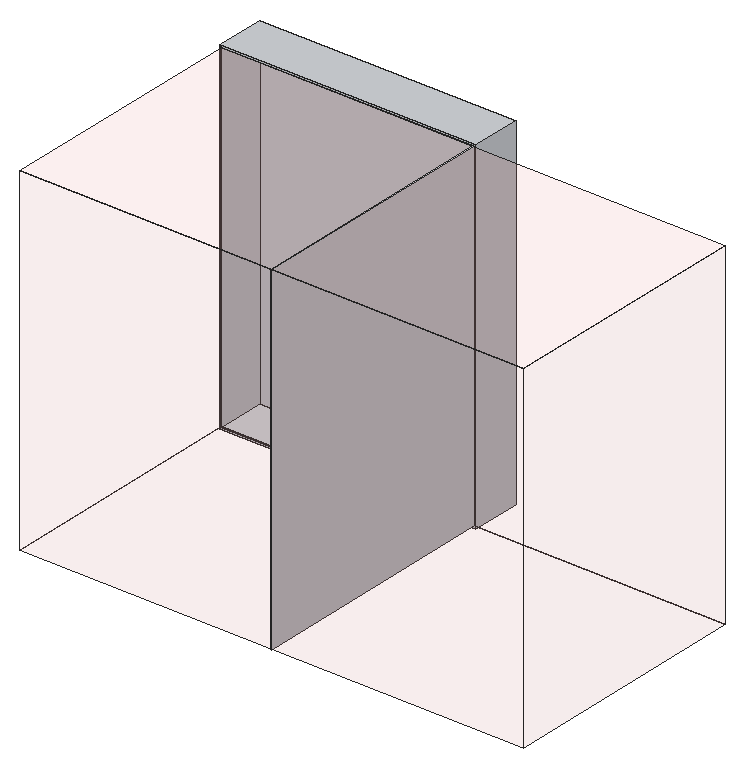
Revit family "Hager-Type B SP&N Distribution Boards-Surface_mounted-IP2XC-With_Cover-Without_DIN-NoHosted-GB-en", category Electrical Equipment, Revit 2023
Family settings
  Panel Configuration = Two Columns, Circuits Across
  Round Connector Dimension = Use Diameter
  Part Type = Panelboard
  Work Plane-Based = Yes
  Always vertical = Yes
  Cut with Voids When Loaded = No
  Maintain Annotation Orientation = No
  Shared = No
  Room Calculation Point = No
Parameters (values of type "Type B SP&N Distribution Boards-Surface_mounted_W465_H625_D91_0_Modular_Spacing-JK108BSH")
  Width Control [instance] = if([HG000006-Flush mounted], if([EF000846 - Recess width] > min_whd, [EF000846 - Recess width], min_whd), if([EF000008 - Width] > min_whd, ([EF000008 - Width]), min_whd))  # 465 mm
  Void Depth [instance] = if([EF000218 - Recess depth] > 1 mm, [EF000218 - Recess depth], 1 mm)  # 1 mm
  Uniformat code = "D501001"
  Uniformat = "Low Tension Service & Dist."
  Référence = ""
  HG000131 - Functional label [instance] = ""
  HG000130 - Functional name [instance] = ""
  HG000099-Onfly Template ID = "507532"
  HG000059-Operating voltage [instance] = 230 V
  ETIM class name = "Small distribution board"
  ETIM class code = "EC000214"
  EF015941 - Signal passing door = no
  EF015777 - Neutral terminal block = yes
  EF015776 - Earthing terminal block = yes
  EF009212 - Cover model = ""
  EF006306 - With lock = no
  EF006244 - Transparent cover/door = no
  EF005474 - Degree of protection (IP rating) = "IP2XC"
  EF004462 - Type of closure = ""
  EF002950 - Width in number of modular spacings = 0
  EF001596 - Housing material = ""
  EF001134 - With DIN-rail = no
  EF001131 - Internal depth = 0 mm
  EF001088 - Extension possible = no
  EF001062 - EMC-version = no
  EF000846 - Recess width = 0 mm
  EF000339 - Type of covering = ""
  EF000332 - Recess height = 0 mm
  EF000266 - Number of rows = 0
  EF000218 - Recess depth = 0 mm
  EF000118 - With mounting plate = no
  EF000116 - RAL number = 7035
  EF000049 - Depth = 91 mm
  EF000040 - Height = 625 mm
  EF000008 - Width = 465 mm
  EF000007 - Colour = ""
  EF000003 - Mounting method = "Surface mounted"
  EF004464 - Type of door = ""
  EF000024 - UV resistant = no
  Type Comments = ""
  System Height [instance] = Height Control - 2 * [HG000005-Thickness]  # 446 mm
  Reference description = ""
  Reference = "Type B SP&N Distribution Boards-Surface_mounted_W465_H625_D91_0_Modular_Spacing-JK108BSH"
  Panel Name [instance] = ""  # (empty or 0)
  Offset [instance] = 0 mm
  Object type = ""
  Name hager = "ADD_Enclosures_EC000214"
  Name BIM&CO = "Electricity"
  Name = "Type B SP&N Distribution Boards-Surface_mounted-IP2XC-With_Cover-Without_DIN-GB"
  Model = ""
  Level Offset [instance] = [Flush Mounted - Door Frame Width] + Offset  # 50 mm
  HGEF002950-Width in number of modular spacings = 0
  HGEF000266-Number of rows = 0
  HG000060-RAL-number = "7035"
  HG000017-Distance between poles = 18 mm
  HG000016-Door 3D visibility = yes
  HG000015-Clearance visibility = yes
  HG000014-Door on the right = yes
  HG000013-Door on the left = not([HG000014-Door on the right])  # no
  HG000012-Door swing angle = 90.00°
  HG000011-Empty rows from bottom = no
  HG000010-Asymmetric doors = no
  HG000009-Double swing door = no
  HG000008-Number of empty rows = 0
  HG000007-Number of empty columns = 0
  HG000006-Flush mounted = no
  HG000005-Thickness = 2 mm
  HG000004-Manufacturer reference = "JK108BSH"
  HG000003-Range = "Type B SP&N Distribution Boards"
  HG000002-With door or cover = yes
  HG000001-Number of columns = 0
  GTIN (Global Trade Item Number) = ""
  Description = ""
  Default Elevation = 1200 mm
  Creation Date = "12/17/2025 20:13:08"
  Code hager = "ADD-EC000214_EU"
  Code Uniformat = ""
  BIM&CO code = ""
  BC_VARIANT_ID = "1178538"
  BC_OBJECT_VERSION = "#1"  # constant formula
  BC_OBJECT_ID = "513817"  # constant formula
  BC_MODEL_ID = "1554190"  # constant formula
  BC_METADATA = "{\"ObjectGuid\":\"bc35c96e-cb38-443e-833d-0616858cb9ac\",\"ModelGuid\":\"8af03f69-2293-4735-a617-cc53adf55621\",\"VariantGuid\":\"8b6e323b-1b53-409a-a940-11b5a7fc5337\",\"Revision\":\"#4\",\"VariantName\":\"Template-Enclosure_EU-EC000214\"}"
  Arrow Offset [instance] = Depth Control / 8  # 18.75 mm
  Arrow Height [instance] = Depth Control - Arrow Offset  # 131.25 mm
  Host Offset [instance] = if([HG000006-Flush mounted], 0 mm, [EF000049 - Depth])  # 91 mm
  min_whd [instance] = (2 * [HG000005-Thickness]) + 1 mm  # 5 mm
  Manufacturer = "Hager"  # constant formula
  Height Control [instance] = if([HG000006-Flush mounted], if([EF000332 - Recess height] > min_whd, [EF000332 - Recess height], min_whd), if([EF000040 - Height] > min_whd, ([EF000040 - Height]), min_whd))  # 625 mm
  Flush Mounted - Door Frame Width [instance] = if(([EF000040 - Height] - [EF000332 - Recess height]) > 0 mm, if([HG000006-Flush mounted], [EF000040 - Height] - [EF000332 - Recess height], 0 mm), 0 mm)  # 0 mm
  Depth Control [instance] = if([HG000006-Flush mounted], if([EF000218 - Recess depth] > 0 mm, [EF000218 - Recess depth], 1 mm), if([EF000049 - Depth] > 0 mm, ([EF000049 - Depth]), 1 mm))  # 91 mm
Types (4, lengths in mm): name | Width Control | EF015777 - Neutral terminal block | EF015776 - Earthing terminal block | EF001088 - Extension possible | EF000049 - Depth | EF000040 - Height | EF000008 - Width | EF000007 - Colour | Reference | HG000004-Manufacturer reference | BC_VARIANT_ID | Host Offset | Height Control | Depth Control
  Type B SP&N Distribution Boards-Surface_mounted_W465_H550_D91_0_Modular_Spacing-JK106BSH | 465 | no | yes | no | 91 | 550 | 465 | "" | "Type B SP&N Distribution Boards-Surface_mounted_W465_H550_D91_0_Modular_Spacing-JK106BSH" | "JK106BSH" | "1178537" | 91 | 550 | 91
  Type B SP&N Distribution Boards-Surface_mounted_W465_H625_D91_0_Modular_Spacing-JK108BSH | 465 | yes | yes | no | 91 | 625 | 465 | "" | "Type B SP&N Distribution Boards-Surface_mounted_W465_H625_D91_0_Modular_Spacing-JK108BSH" | "JK108BSH" | "1178538" | 91 | 625 | 91
  Type B SP&N Distribution Boards-Surface_mounted_W465_H850_D91_0_Modular_Spacing-JK112BSH | 465 | yes | yes | no | 91 | 850 | 465 | "" | "Type B SP&N Distribution Boards-Surface_mounted_W465_H850_D91_0_Modular_Spacing-JK112BSH" | "JK112BSH" | "1178539" | 91 | 850 | 91
  Type B SP&N Distribution Boards-Surface_mounted_W232_H300_D124_0_Modular_Spacing-JK201BSH | 232 | no | no | yes | 124 | 300 | 232 | "Grey" | "Type B SP&N Distribution Boards-Surface_mounted_W232_H300_D124_0_Modular_Spacing-JK201BSH" | "JK201BSH" | "1178540" | 124 | 300 | 124
Reference planes
  plane 1 "Center (Front/Back)": y = 0
  plane 2: z = 0
  plane 3 "Center (Left/Right)": x = 0
  plane 4: y = 2
  plane 5: y = 0
  plane 6: y = 0
  plane 7: z = 0
  plane 8: x = -232.5
  plane 9: x = 232.5
  plane 10: x = 230.5
  plane 11: x = -230.5
  plane 12: z = 50
  plane 13: z = 52
  plane 14: y = -86
  plane 15: y = -91
  plane 16: y = -2
  plane 17: z = 673
  plane 18: z = 675
  plane 19: z = 362.5
  plane 20: x = 0
  plane 21: y = -100
  plane 22 "Annotation H": y = -300
  plane 23 "Annotation V": x = 432.5
Forms (mm)
  Extrusion 1, solid
    sketch origin (-208.679, -4572, 50) x (-1, 0, 0) y (0, -1, 0)
      loop
        line (23.821, -4481) -> (-441.179, -4481) -> (-441.179, -4572) -> (23.821, -4572) -> (23.821, -4481)
    from 0 to 625 <- "Height Control"
  Extrusion 2, void
    sketch origin (-350.771, -91, 1219.2) x (1, 0, 0) y (0, 0, 1)
      loop
        line (120.271, -546.2) -> (120.271, -1167.2) -> (581.271, -1167.2) -> (581.271, -546.2) -> (120.271, -546.2)
    from 0 to -89
  Extrusion 3, solid, detail levels coarse+medium
    sketch origin (-350.771, -91, 1219.2) x (-1, 0, 0) y (0, 0, 1)
      loop
        line (-120.271, -546.2) -> (-581.271, -546.2) -> (-581.271, -1167.2) -> (-120.271, -1167.2) -> (-120.271, -546.2)
    from 0 to 2 <- "HG000005-Thickness"
Cuts and joins
  Extrusion 2 cuts Extrusion 1
Dimensions and locks
  "Flush Mounted - Door Frame Width": plane 1 "Center (Front/Back)" to plane 6
  "HG000005-Thickness": plane 4 to plane 6
  "HG000005-Thickness": plane 8 to plane 11
  "HG000005-Thickness": plane 9 to plane 10
  equal spacing: plane 8, plane 3 "Center (Left/Right)", plane 9
  "Width Control": plane 8 to plane 9
  locked: plane 14 to plane 15 at 5
  "Host Offset": plane 1 "Center (Front/Back)" to plane 15
  "Depth Control": plane 5 to plane 15
  "HG000005-Thickness": plane 5 to plane 16
  "HG000005-Thickness": plane 13 to plane 12
  "Level Offset": plane 12 to level
  "HG000005-Thickness": plane 18 to plane 17
  "Height Control": plane 18 to plane 12
  "Arrow Offset": plane 5 to nested 4
  equal spacing: plane 18, plane 19, plane 12
  locked: connector elem to plane 19
  locked: connector elem to plane 3 "Center (Left/Right)"
  Extrusion 2 sketch curve to Extrusion 2 sketch curve to plane 9 = 461 mm, 2 mm
  locked: plane 9 to plane 23 "Annotation V" at 200
  locked: plane 22 "Annotation H" to plane 1 "Center (Front/Back)" at 300
  aligned and locked: nested 1 to plane 14
  aligned and locked: plane 3 "Center (Left/Right)" to nested 1
  aligned and locked: plane 3 "Center (Left/Right)" to nested 2
  aligned and locked: nested 2 to plane 15
  aligned and locked: plane 5 to Extrusion 1
  aligned and locked: Extrusion 3 sketch curve to plane 17
  aligned and locked: Extrusion 3 sketch curve to plane 11
  aligned and locked: Extrusion 3 sketch curve to plane 13
  aligned and locked: Extrusion 3 sketch curve to plane 10
  aligned and locked: Extrusion 2 sketch curve to plane 13
  aligned and locked: Extrusion 2 sketch curve to plane 17
  aligned and locked: plane 16 to Extrusion 2
  aligned and locked: plane 5 to Extrusion 1 sketch curve
  aligned and locked: plane 9 to Extrusion 1 sketch curve
  aligned and locked: plane 8 to Extrusion 1 sketch curve
  aligned and locked: plane 8 to nested 4
  aligned and locked: plane 8 to nested 3
  aligned and locked: nested 3 to plane 5
  aligned and locked: Extrusion 1 sketch curve to plane 15
  aligned and locked: Extrusion 2 to plane 15
  aligned and locked: nested 5 to plane 22 "Annotation H"
  aligned and locked: plane 23 "Annotation V" to nested 5
  aligned and locked: plane 11 to Extrusion 2
  aligned and locked: plane 10 to Extrusion 2
Nested families
  nested 1: "Hager_Enclosure_System" at (0, -86, 52), Flush_Mounted <- "HG000006-Flush mounted", Height <- "System Height", Width_Control <- "Width Control", Row_Module_Multiplicator <- "HGEF002950-Width in number of modular spacings", Empty_Columns <- "HG000007-Number of empty columns", Border <- "HG000005-Thickness", Total_No_Empty_Rows <- "HG000008-Number of empty rows", Depth <- "HG000005-Thickness", Empty_Rows_From_Bottom <- "HG000011-Empty rows from bottom", Distance_Between_Poles <- "HG000017-Distance between poles", Rows_Count <- "HGEF000266-Number of rows", Columns_Count <- "HG000001-Number of columns", Built-in_Width <- "EF000846 - Recess width", Width <- "EF000008 - Width", type "Hager_Enclosure_System", detail levels medium+fine
    with Width_Control 465 mm, Width 465 mm, Total_No_Rows 0, Total_No_Empty_Rows 0, Total_No_Columns 1, System_Width 461 mm, Rows_Count 0, Rows_Column 0, Row_Module_Multiplicator 0, Panel_4 no, Panel_3 no, Panel_2 no, Panel_1 no, No_Panels_Ctrl 1, Hide_Columns yes, Height 446 mm, Flush_Mounted no, Empty_Rows_From_Bottom no, Empty_Rows_Column 0, Empty_Columns 0, Empty column 4 0, Empty column 3 0, Empty column 2 0, Empty column 1 0, Distance_Between_Poles 18 mm, Depth 2 mm, Columns_Count 0, Column_Width 461 mm, Built-in_Width 0 mm, Border 2 mm
  nested 2: "Hager_Enclosure_Door" at (0, -91, 50), Double <- "HG000009-Double swing door", Height_Ctrl <- "Height Control", Angle <- "HG000012-Door swing angle", Door_Right <- "HG000014-Door on the right", Assymetrical <- "HG000010-Asymmetric doors", Flush_Mounted <- "HG000006-Flush mounted", Door <- "HG000002-With door or cover", Width_Ctrl <- "Width Control", 3d_Door <- "HG000016-Door 3D visibility", Border <- "HG000005-Thickness", Clearance <- "HG000015-Clearance visibility", Door_Left <- "HG000013-Door on the left", BuiltIn_Depth <- "EF000218 - Recess depth", Depth <- "EF000049 - Depth", BuiltIn_Width <- "EF000846 - Recess width", Height <- "EF000040 - Height", BuiltIn_Height <- "EF000332 - Recess height", Width <- "EF000008 - Width", Transparent <- "EF006244 - Transparent cover/door", type "Hager_Enclosure_Door", detail levels medium+fine
    with min_wh 5 mm, Width_Ctrl 465 mm, Width 465 mm, Transparent_Door_No_Bottom_Border no, Transparent no, Leaf_Width 458 mm, Leaf_Tolerance 1.5 mm, Leaf_Height 618 mm, Leaf_2_Width 458 mm, Leaf_2_Offset 229 mm, Leaf_1_Width 458 mm, Leaf_1_Offset 229 mm, Height_Ctrl 625 mm, Height 625 mm, Frame_Width_Ctrl 465 mm, Frame_Width 465 mm, Frame_Internal_Offset 0 mm, Frame_Height_Ctrl 625 mm, Frame_Height 625 mm, Frame_Depth_Ctrl 1 mm, Frame_Depth 0 mm, Flush_Mounted no, Double_Clearance_Ctrl no, Double no, Door_Right_Ctrl yes, Door_Right yes, Door_Left_Ctrl no, Door_Left no, Door yes, Depth 91 mm, Clearance_Depth 458 mm, Clearance_Ctrl yes, Clearance yes, BuiltIn_Width 0 mm, BuiltIn_Height 0 mm, BuiltIn_Depth 0 mm, Border 2 mm, Assymetrical no, Angle 90.00°, 3d_Door yes
  nested 3: "Hager_Enclosure_Symbol_Triangle" at (-232.5, 0, 0), Depth <- "Depth Control", Width <- "Width Control", type "Hager_Enclosure_Symbol_Triangle"
    with Width_Ctrl 465 mm, Width 465 mm, Depth_Ctrl 91 mm, Depth 91 mm
  nested 4: "Hager_Enclosure_Symbol_Arrow" at (-232.5, -18.75, 0), Height <- "Arrow Height", type "Hager_Enclosure_Symbol_Arrow"
    with Width_Inside 9.844 mm, Width 118.125 mm, Height_Ctrl 131.25 mm, Height 131.25 mm
  nested 5: "Hager_Annotation-HG000130" at (432.5, -300, 0), HG000130 - Functional name <- "HG000130 - Functional name", type "Hager_Annotation-HG000130"
    with HG000130 - Functional name ""
Connectors
  electrical at (0, 0, 362.5), driven by "HG000059-Operating voltage"
    settings: on plane 5, index 1, voltage 230 V, apparent load 0 VA, apparent load phase1 0 VA, apparent load phase2 0 VA, apparent load phase3 0 VA, power factor 1, load classification "Other", number of poles 1, system type 30, power factor state 1, is connector primary yes, connector utility no, sub classification motor no, connector description ""
Definition of nested family "Hager_Enclosure_Door"
  Parameters (values of type "Hager_Enclosure_Door")
    min_wh [instance] = (2 * Border) + 1 mm  # 11 mm
    Width_Ctrl [instance] = 400 mm
    Width [instance] = 500 mm
    Transparent_Door_No_Bottom_Border [instance] = no
    Transparent [instance] = yes
    Leaf_Width [instance] = if((Width_Ctrl - 2 * Border - 2 * Leaf_Tolerance) > 0 mm, (Width_Ctrl - 2 * Border - 2 * Leaf_Tolerance), min_wh)  # 387 mm
    Leaf_Tolerance [instance] = 1.5 mm  # constant formula
    Leaf_Height [instance] = if((Height_Ctrl - 2 * Border - 2 * Leaf_Tolerance) > 0 mm, (Height_Ctrl - 2 * Border - 2 * Leaf_Tolerance), min_wh)  # 387 mm
    Leaf_2_Width [instance] = if(and(and(Double, Assymetrical), Door_Left), (Leaf_Width / 3) - (Leaf_Tolerance / 2), if(and(and(Double, Assymetrical), Door_Right), (Leaf_Width / 3) * 2 - (Leaf_Tolerance / 2), if(and(Double, not(Assymetrical)), (Leaf_Width / 2) - Leaf_Tolerance, Leaf_Width)))  # 387 mm
    Leaf_2_Offset [instance] = if(and(Double, Assymetrical), Leaf_2_Width / 2, if(and(Double, not(Assymetrical)), Leaf_Width / 4, Leaf_Width / 2))  # 193.5 mm
    Leaf_1_Width [instance] = if(and(and(Double, Assymetrical), Door_Right), (Leaf_Width / 3) - (Leaf_Tolerance / 2), if(and(and(Double, Assymetrical), Door_Left), (Width / 3) * 2 - (Leaf_Tolerance / 2), if(and(Double, not(Assymetrical)), (Leaf_Width / 2) - Leaf_Tolerance, Leaf_Width)))  # 387 mm
    Leaf_1_Offset [instance] = if(and(Double, Assymetrical), Leaf_1_Width / 2, if(and(Double, not(Assymetrical)), Leaf_Width / 4, Leaf_Width / 2))  # 193.5 mm
    Height_Ctrl [instance] = 400 mm
    Height [instance] = 500 mm
    Frame_Width_Ctrl [instance] = if(Frame_Width > 0 mm, Frame_Width, 1 mm)  # 1 mm
    Frame_Width [instance] = Width - BuiltIn_Width  # 0 mm
    Frame_Internal_Offset [instance] = if(Flush_Mounted, Border, 0 mm)  # 5 mm
    Frame_Height_Ctrl [instance] = if(Frame_Height > 0 mm, Frame_Height, 1 mm)  # 1 mm
    Frame_Height [instance] = Height - BuiltIn_Height  # 0 mm
    Frame_Depth_Ctrl [instance] = if(Frame_Depth > 0 mm, Frame_Depth, 1 mm)  # 1 mm
    Frame_Depth [instance] = if(Depth - BuiltIn_Depth > 0 mm, if(Flush_Mounted, Depth - BuiltIn_Depth, 0 mm), 0 mm)  # 0 mm
    Flush_Mounted [instance] = yes
    Double_Clearance_Ctrl [instance] = and(Double, Clearance)  # no
    Double [instance] = no
    Door_Right_Ctrl [instance] = and(or(Door_Right, Double), Door)  # yes
    Door_Right [instance] = yes
    Door_Left_Ctrl [instance] = and(or(Door_Left, Double), Door)  # no
    Door_Left [instance] = no
    Door [instance] = yes
    Depth [instance] = 500 mm
    Default Elevation = 1219.2 mm
    Clearance_Material = none
    Clearance_Depth [instance] = if(Leaf_1_Width > Leaf_2_Width, Leaf_1_Width, Leaf_2_Width)  # 387 mm
    Clearance_Ctrl [instance] = and(not(Double), Clearance)  # yes
    Clearance [instance] = yes
    BuiltIn_Width [instance] = 500 mm
    BuiltIn_Height [instance] = 500 mm
    BuiltIn_Depth [instance] = 500 mm
    Border [instance] = 5 mm
    Assymetrical [instance] = yes
    Angle [instance] = 30.00°
    3d_Door [instance] = yes
  Reference planes
    plane 1 "Center (Front/Back)": y = 0
    plane 2 "Bottom": z = 0
    plane 3 "Center (Left/Right)": x = 0
    plane 4: z = 400
    plane 5: x = -200
    plane 6: x = 200
    plane 7: z = 395
    plane 8: x = -195
    plane 9: z = 5
    plane 10: x = 195
    plane 11: y = 0
    plane 12: z = 6.5
    plane 13: x = -582
    plane 14: y = -387
    plane 15: x = 582
    plane 16: x = 0
    plane 17: x = 0
    plane 18: x = -193.5
    plane 19: x = 193.5
    plane 20: z = 393.5
  Forms (mm)
    Extrusion 1, solid, visible <- "Flush_Mounted"
      sketch origin (0, 0, 0) x (1, 0, 0) y (0, 0, 1)
        loop
          line (195, 5) -> (195, 395) -> (-195, 395) -> (-195, 5) -> (195, 5)
        loop
          line (-201, 401) -> (-201, -1) -> (201, -1) -> (201, 401) -> (-201, 401)
      from 0 to 1 <- "Frame_Depth_Ctrl"
    Extrusion 2, solid, material <- "Clearance_Material", visible <- "Double_Clearance_Ctrl"
      sketch origin (1200, 0, 0) x (1, 0, 0) y (0, 0, -1)
        loop
          line (-1782, -393.5) -> (-618, -393.5) -> (-618, 0) -> (-1782, 0) -> (-1782, -393.5)
      from 0 to -387
  Dimensions and locks
    equal spacing: plane 5, plane 3 "Center (Left/Right)", plane 6
    "Width_Ctrl": plane 5 to plane 6
    "Border": plane 5 to plane 8
    "Border": plane 6 to plane 10
    "Border": plane 9 to level
    "Border": plane 4 to plane 7
    "Height_Ctrl": plane 4 to level
    "Leaf_Tolerance": plane 12 to plane 9
    "Frame_Depth": plane 11 to plane 1 "Center (Front/Back)"
    "Frame_Width_Ctrl": plane 5 to Extrusion 1 sketch curve
    "Frame_Width_Ctrl": plane 6 to Extrusion 1 sketch curve
    "Frame_Width_Ctrl": Extrusion 1 sketch curve to plane 4
    "Frame_Width_Ctrl": plane 2 "Bottom" to Extrusion 1 sketch curve
    "Leaf_1_Offset": plane 18 to plane 16
    "Leaf_2_Offset": plane 17 to plane 19
    "Leaf_1_Width": plane 13 to plane 8
    "Leaf_2_Width": plane 10 to plane 15
    "Clearance_Depth": plane 14 to plane 1 "Center (Front/Back)"
    "Leaf_Tolerance": plane 8 to plane 18
    "Leaf_Tolerance": plane 19 to plane 10
    "Leaf_Tolerance": plane 7 to plane 20
    "Frame_Internal_Offset": plane 5 to Extrusion 1 sketch curve
    "Frame_Internal_Offset": Extrusion 1 sketch curve to plane 2 "Bottom"
    "Frame_Internal_Offset": plane 6 to Extrusion 1 sketch curve
    "Frame_Internal_Offset": plane 4 to Extrusion 1 sketch curve
    aligned and locked: level to plane 2 "Bottom"
    aligned and locked: nested 1 to plane 16
    aligned and locked: nested 2 to plane 17
    aligned and locked: Extrusion 2 to plane 13
    aligned and locked: plane 15 to Extrusion 2
    aligned and locked: Extrusion 2 to plane 14
    aligned and locked: plane 12 to nested 1
    aligned and locked: nested 2 to plane 12
    aligned and locked: Extrusion 2 to plane 11
    aligned and locked: plane 20 to Extrusion 2
    aligned and locked: nested 2 to plane 11
    aligned and locked: nested 1 to plane 11
  Automatic sketch dimensions
    Extrusion 2 sketch curve to level = 0 mm
    plane 5 to Extrusion 2 sketch curve = 382 mm
    plane 6 to Extrusion 2 sketch curve = 382 mm
    Extrusion 2 sketch curve to plane 4 = 6.5 mm
  Nested families
    nested 1: "Hager_Enclosure_Door_Leaf" at (0, 0, 6.5), Width <- "Leaf_1_Width", visible <- "Door_Left_Ctrl", Leaf_Height <- "Leaf_Height", Angle <- "Angle", Depth <- "Border", 3d_Door <- "3d_Door", Transparent <- "Transparent", Clearance Material <- "Clearance_Material", Clearance <- "Clearance_Ctrl", Transparent_Door_No_Bottom_Border <- "Transparent_Door_No_Bottom_Border", type "Hager_Enclosure_Door_Leaf"
      with Width 387 mm, Transparent_Door_No_Bottom_Border no, Transparent_Door_Border_Bottom_Top 25 mm, Transparent_Door_Border 25 mm, Transparent_Ctrl yes, Transparent yes, Standard no, Leaf_Height 387 mm, Glass_Offset 1 mm, Depth 5 mm, Clearance Material none, Clearance yes, Angle_Ctrl 30.00°, Angle 30.00°, 3d_Door yes
    nested 2: "Hager_Enclosure_Door_Leaf" at (0, 0, 6.5) x (-1, 0, 0) z (0, 0, 1), Width <- "Leaf_2_Width", visible <- "Door_Right_Ctrl", Leaf_Height <- "Leaf_Height", Angle <- "Angle", Depth <- "Border", 3d_Door <- "3d_Door", Transparent <- "Transparent", Clearance Material <- "Clearance_Material", Clearance <- "Clearance_Ctrl", Transparent_Door_No_Bottom_Border <- "Transparent_Door_No_Bottom_Border", type "Hager_Enclosure_Door_Leaf"
      with Width 387 mm, Transparent_Door_No_Bottom_Border no, Transparent_Door_Border_Bottom_Top 25 mm, Transparent_Door_Border 25 mm, Transparent_Ctrl yes, Transparent yes, Standard no, Leaf_Height 387 mm, Glass_Offset 1 mm, Depth 5 mm, Clearance Material none, Clearance yes, Angle_Ctrl 30.00°, Angle 30.00°, 3d_Door yes
  Definition of nested family "Hager_Enclosure_Door_Leaf"
    Parameters (values of type "Hager_Enclosure_Door_Leaf")
      Width [instance] = 2000 mm
      Transparent_Door_No_Bottom_Border [instance] = yes
      Transparent_Door_Border_Bottom_Top [instance] = if(Transparent_Door_No_Bottom_Border, 0.1 mm, Transparent_Door_Border)  # 0.1 mm
      Transparent_Door_Border [instance] = if(Transparent_Door_No_Bottom_Border, (Width * 0.12), 25 mm)  # 240 mm
      Transparent_Ctrl [instance] = and(Transparent, [3d_Door])  # yes
      Transparent [instance] = yes
      Standard [instance] = and(not(Transparent), [3d_Door])  # no
      Leaf_Height [instance] = 2720.336 mm
      Glass_Offset [instance] = if((Depth - 10 mm) / 2 > 0 mm, (Depth - 10 mm) / 2, 1 mm)  # 15 mm
      Glass_Material = none
      Depth [instance] = 40 mm
      Default Elevation = 0 mm
      Clearance Material [instance] = none
      Clearance [instance] = yes
      Angle_Ctrl [instance] = if(Angle > 170.00°, 170.00°, Angle)  # 45.00°
      Angle [instance] = 45.00°
      3d_Door [instance] = yes
    Reference planes
      plane 1 "Center (Front/Back)": y = 0
      plane 2: z = 0
      plane 3 "Center (Left/Right)": x = 0
      plane 4: y = 2000
      plane 5: x = -1000
      plane 6: x = 1000
      plane 7: x = -3000
      plane 8: z = 2720.336
      plane 9: z = 0.1
      plane 10: z = 2720.236
      plane 11: x = 760
      plane 12: x = -760
    Forms (mm)
      Extrusion 1, solid, material <- "Clearance Material", visible <- "Clearance"
        sketch origin (0, 0, 0) x (1, 0, 0) y (0, 0, 1)
          loop
            line (-3000, 2720.336) -> (-3000, 0) -> (1000, 0) -> (1000, 2720.336) -> (-3000, 2720.336)
        from 0 to -2000
      Extrusion 2, solid, visible <- "Standard", detail levels medium+fine
        sketch origin (-1000, 0, 0) x (0.707107, 0.707107, 0) y (-0.707107, 0.707107, 0)
          loop
            line (0, -40) -> (2000, -40) -> (2000, 0) -> (0, 0) -> (0, -40)
        from 0 to 2720.336 <- "Leaf_Height"
      Extrusion 3, solid, visible <- "Transparent_Ctrl", detail levels medium+fine
        sketch origin (-1000, 0, 0) x (0.707107, 0.707107, 0) y (-0.707107, 0.707107, 0)
          loop
            line (0, -40) -> (2000, -40) -> (2000, 0) -> (0, 0) -> (0, -40)
        from 0 to 2720.336 <- "Leaf_Height"
      Extrusion 4, void, detail levels medium+fine
        sketch origin (-1000, 0, 0) x (-0.707107, 0.707107, 0) y (0.707107, 0.707107, 0)
          loop
            line (0, 240) -> (0, 1760) -> (-40, 1760) -> (-40, 240) -> (0, 240)
        from -2720.236 to -0.1
      Extrusion 5, solid, material <- "Glass_Material", visible <- "Transparent_Ctrl", detail levels medium+fine
        sketch origin (-1000, 0, 0) x (0.707107, 0.707107, 0) y (-0.707107, 0.707107, 0)
          loop
            line (240, -15) -> (240, -25) -> (1760, -25) -> (1760, -15) -> (240, -15)
        from 0.1 to 2720.236
    Cuts and joins
      Extrusion 4 cuts Extrusion 3
    Lines and regions (mm)
      symbolic lines
        curve 1: line (1000, 0, 0) -> (-3000, 0, 0)
        curve 2: arc (1000, 0, 0) -> (-1000, 2000, 0) -> (-3000, 0, 0) r 2000
        curve 4: line (-1000, 0, 0) -> (414.214, 1414.214, 0)
      reference lines
        curve 3: line (-1000, 0, 0) -> (414.214, 1414.214, 0)
      symbolic lines, detail levels medium+fine
        curve 5: line (414.214, 1414.214, 0) -> (442.498, 1385.929, 0)
        curve 6: line (442.498, 1385.929, 0) -> (-971.716, -28.284, 0)
        curve 7: line (-971.716, -28.284, 0) -> (-1000, 0, 0)
        curve 8: line (-1000, 0, 2720.336) -> (1000, 0, 2720.336)
        curve 9: line (-1000, 0, 0) -> (-1000, 0, 2720.336)
        curve 10: line (1000, 0, 0) -> (-1000, 0, 0)
        curve 11: line (1000, 0, 2720.336) -> (1000, 0, 0)
      symbolic lines, visible <- "Transparent_Ctrl", detail levels medium+fine
        curve 12: line (-760, 0, 2720.236) -> (760, 0, 2720.236)
        curve 13: line (-760, 0, 0.1) -> (-760, 0, 2720.236)
        curve 14: line (760, 0, 0.1) -> (-760, 0, 0.1)
        curve 15: line (760, 0, 2720.236) -> (760, 0, 0.1)
    Dimensions and locks
      "Width": plane 1 "Center (Front/Back)" to plane 4
      equal spacing: plane 5, plane 3 "Center (Left/Right)", plane 6
      "Width": plane 5 to plane 6
      "Width": plane 7 to plane 5
      "Leaf_Height": plane 8 to level
      "Depth": curve 6 to curve 3
      "Width": curve 5 to curve 3
      "Width": curve 3 to curve 3
      "Transparent_Door_Border": Extrusion 4 sketch curve to curve 7
      "Transparent_Door_Border": Extrusion 4 sketch curve to curve 5
      "Transparent_Door_Border_Bottom_Top": plane 8 to plane 10
      "Transparent_Door_Border_Bottom_Top": plane 9 to level
      "Glass_Offset": Extrusion 5 sketch curve to curve 4
      "Glass_Offset": Extrusion 5 sketch curve to curve 6
      "Transparent_Door_Border": Extrusion 5 sketch curve to curve 5
      "Transparent_Door_Border": Extrusion 5 sketch curve to curve 7
      "Transparent_Door_Border": plane 12 to plane 5
      "Transparent_Door_Border": plane 6 to plane 11
      "Angle_Ctrl": angle plane 1 "Center (Front/Back)" to curve 3
      aligned and locked: level to plane 2
      aligned and locked: Extrusion 1 to curve 1
      aligned and locked: plane 6 to Extrusion 1
      aligned and locked: Extrusion 1 to plane 1 "Center (Front/Back)"
      aligned and locked: plane 4 to Extrusion 1
      aligned and locked: plane 8 to Extrusion 1
      aligned and locked: curve 4 to curve 3
      aligned and locked: Extrusion 2 sketch curve to curve 7
      aligned and locked: Extrusion 2 sketch curve to curve 6
      aligned and locked: Extrusion 2 sketch curve to curve 5
      aligned and locked: Extrusion 2 sketch curve to curve 3
      aligned and locked: curve 7 to Extrusion 3 sketch curve
      aligned and locked: Extrusion 3 sketch curve to curve 4
      aligned and locked: Extrusion 3 sketch curve to curve 6
      aligned and locked: Extrusion 3 sketch curve to curve 5
      aligned and locked: curve 4 to Extrusion 4 sketch curve
      aligned and locked: curve 6 to Extrusion 4 sketch curve
      aligned and locked: Extrusion 4 to plane 9
      aligned and locked: Extrusion 4 to plane 10
      aligned and locked: Extrusion 5 to plane 9
      aligned and locked: Extrusion 5 to plane 10
      aligned and locked: curve 8 to plane 8
      aligned and locked: plane 5 to curve 9
      aligned and locked: plane 2 to curve 10
      aligned and locked: curve 11 to plane 6
      aligned and locked: plane 10 to curve 12
      aligned and locked: plane 12 to curve 13
      aligned and locked: curve 14 to plane 9
      aligned and locked: plane 11 to curve 15
    Automatic sketch dimensions
      plane 1 "Center (Front/Back)" to curve 2 = 0 mm
      curve 2 to plane 5 = 0 mm
      Extrusion 1 sketch curve to level = 0 mm
      Extrusion 1 sketch curve to plane 7 = 0 mm
      Extrusion 1 sketch curve to plane 6 = 0 mm
      Extrusion 1 sketch curve to plane 8 = 0 mm
      plane 1 "Center (Front/Back)" to curve 3 = 0 mm
      curve 3 to plane 5 = 0 mm
      curve 7 to curve 3 = 0 mm
Definition of nested family "Hager_Enclosure_Symbol_Triangle"
  Parameters (values of type "Hager_Enclosure_Symbol_Triangle")
    Width_Ctrl [instance] = if(Width > 1 mm, Width, 1 mm)  # 498 mm
    Width [instance] = 498 mm
    Depth_Ctrl [instance] = if(Depth > 1 mm, Depth, 1 mm)  # 72 mm
    Depth [instance] = 72 mm
  Reference planes
    plane 1 "Centre (avant/arrière)": y = 0
    plane 2: z = 0
    plane 3 "Centre (gauche/droite)": x = 0
  Lines and regions (mm)
    Filled region 1, type "Solid_Black", in view "Niveau de réf."
      outline origin (0, 0, 0) x (1, 0, 0) y (0, 1, 0)
        loop
          line (0, 0) -> (498, 0) -> (498, 72) -> (0, 0)
    reference lines, in view "Niveau de réf."
      curve 1: line (-206.153, 72, 0) -> (1083.258, 72, 0)
      curve 2: line (498, 405.456, 0) -> (498, -517.619, 0)
  Dimensions and locks
    "Depth_Ctrl": plane 1 "Centre (avant/arrière)" to curve 1
    "Width_Ctrl": plane 3 "Centre (gauche/droite)" to curve 2
    aligned and locked: curve 1 to Filled region 1 sketch curve
    aligned and locked: Filled region 1 sketch curve to plane 1 "Centre (avant/arrière)"
    aligned and locked: curve 2 to Filled region 1 sketch curve
    aligned and locked: plane 3 "Centre (gauche/droite)" to Filled region 1 sketch curve
    aligned and locked: plane 1 "Centre (avant/arrière)" to Filled region 1 sketch curve
  Automatic sketch dimensions
    curve 1 to plane 3 "Centre (gauche/droite)" = 206.153 mm
    curve 2 to curve 1 = 585.258 mm
    plane 1 "Centre (avant/arrière)" to curve 2 = 517.619 mm
    curve 2 to plane 1 "Centre (avant/arrière)" = 405.456 mm
Definition of nested family "Hager_Enclosure_Symbol_Arrow"
  Parameters (values of type "Hager_Enclosure_Symbol_Arrow")
    Width_Inside [instance] = if(Width / 12 > 2 mm, Width / 12, 2 mm)  # 4.987 mm
    Width [instance] = if(Height_Ctrl * 0.9 > 2 mm, Height_Ctrl * 0.9, 2 mm)  # 59.85 mm
    Height_Ctrl [instance] = if(Height > 2 mm, Height, 2 mm)  # 66.5 mm
    Height [instance] = 66.5 mm
  Reference planes
    plane 1 "Centre (avant/arrière)": y = 0
    plane 2: z = 0
    plane 3 "Centre (gauche/droite)": x = 0
    plane 4: x = 59.85
    plane 5: y = 28.263
    plane 6: y = 38.238
    plane 7: y = 66.5
    plane 8: x = 29.925
    plane 9: y = 33.25
  Lines and regions (mm)
    Filled region 1, type "Solid_Black", in view "Niveau de réf."
      outline origin (0, 0, 0) x (1, 0, 0) y (0, 1, 0)
        loop
          line (59.85, 66.5) -> (37.929, 52.827) -> (51.846, 41.935) -> (59.85, 66.5)
    detail lines, in view "Niveau de réf."
      curve 1: line (0, 0, 0) -> (29.925, 38.238, 0)
      curve 2: line (29.925, 38.238, 0) -> (29.925, 28.263, 0)
      curve 3: line (29.925, 28.263, 0) -> (59.85, 66.5, 0)
  Dimensions and locks
    "Width": plane 3 "Centre (gauche/droite)" to plane 4
    "Height_Ctrl": plane 7 to plane 1 "Centre (avant/arrière)"
    equal spacing: plane 3 "Centre (gauche/droite)", plane 8, plane 4
    equal spacing: plane 7, plane 9, plane 1 "Centre (avant/arrière)"
    equal spacing: plane 6, plane 9, plane 5
    "Width_Inside": plane 6 to plane 9
    equal spacing: curve 3, Filled region 1 sketch curve, Filled region 1 sketch curve
    angle Filled region 1 sketch curve to curve 3 = 20.00°
    angle curve 3 to Filled region 1 sketch curve = 20.00°
    locked: curve 3 to Filled region 1 sketch curve (angle 90.00°)
  Automatic sketch dimensions
    plane 1 "Centre (avant/arrière)" to curve 1 = 0 mm
    curve 1 to plane 3 "Centre (gauche/droite)" = 0 mm
    curve 2 to plane 6 = 0 mm
    curve 3 to plane 8 = 0 mm
    curve 3 to plane 4 = 0 mm
    curve 2 to plane 5 = 0 mm
    curve 3 to plane 7 = 0 mm
    Filled region 1 sketch curve to plane 4 = 0 mm
    Filled region 1 sketch curve to plane 7 = 0 mm
Definition of nested family "Hager_Annotation-HG000130"
  Parameters (values of type "Hager_Annotation-HG000130")
    HG000130 - Functional name [instance] = ""
  Reference planes
    plane 1: y = 0
    plane 2: x = 0
  Lines and regions (mm)
    detail lines
      curve 1: line (-27.5, 10, 0) -> (27.5, 10, 0)
      curve 2: line (-27.5, -10, 0) -> (-27.5, 10, 0)
      curve 3: line (27.5, -10, 0) -> (-27.5, -10, 0)
      curve 4: line (27.5, 10, 0) -> (27.5, -10, 0)
  Text (mm)
    label "HG000130 - Functional name" at (0.16, 0.026, 0), shows "HG000130 - Functional name"
